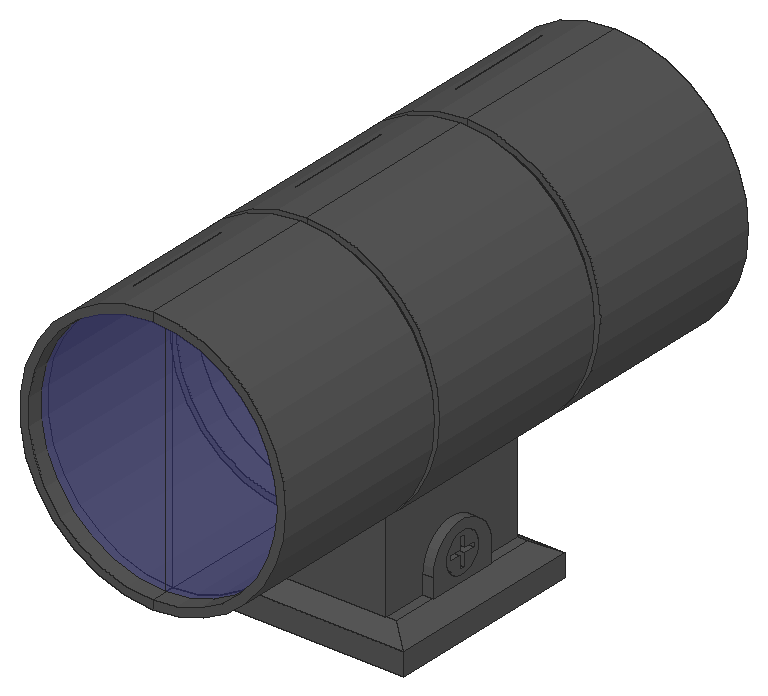
Revit family "CARLO CYLINDER LIGHT WALL MOUNT", category Lighting Fixtures, host Face, Revit 2020 (continued)
Types (10): name | Wattage_Input | Wattage Comments | Wattage | Photometric Web File | built-in parameter 1150142 | Model | built-in parameter 1150105 | Lumens | Light Length 1 | LIGHT RADIUS | LIGHT PLACEMENT | LIGHT LENGTH | LIGHT DIA | built-in parameter 1150106 | FIXED END HEIGHT | Curve base Height | Base Curve | BEAMING ANGLE | Apparent Load
    .75 415.7 423.75 431.79 439.87 447.84 456.18 465.51 475.21 484.77 \r\n 494.38 503.75 513.81 525.8 538.57 551.45 564.27 576.47 588.49 600.82 \r\n 612.84 623.99 634.69 645.27 655.58 665.56 675.32 685.02 694.48 703.66 \r\n 712.42 720.43 728.19 736.31 744.04 750.48 756.77 764.1 771.45 778.13 \r\n 784.38 790.12 795.67 801.39 807.1 812.87 818.38 823.33 827.7 831.27 \r\n 834.41 837.53 840.36 842.66 844.72 846.88 848.7 849.76 850.39 850.81 \r\n 849.27 \r\n2.1273 850.37 849.63 848.77 847.65 846.12 844.26 842.01 839.57 837.16 \r\n 834.53 831.5 828.1 824.29 820.12 815.62 810.88 806.04 800.91 795.23 \r\n 789.33 783.56 777.56 771.1 764.21 756.81 749.03 740.99 732.6 723.71 \r\n 714.65 705.88 696.81 686.84 676.43 665.83 655.11 644.59 633.86 622.56 \r\n 610.91 599.02 586.96 574.98 562.68 549.47 536.22 523.53 511.53 500.69 \r\n 490.53 480.7 471.24 462.05 453.12 444.38 435.82 427.43 419.08 410.56 \r\n 402.05 393.67 385.37 377.19 368.94 360.49 351.74 342.59 332.88 323.1 \r\n 311.25 294.8 275.93 255.69 234.95 215.23 195.62 175.55 155.53 135.82 \r\n 116.58 97.774 80.212 64.677 51.173 39.92 31.055 25.089 21.119 18.623 \r\n 16.964 15.235 13.727 12.417 11.343 10.581 9.9978 9.4845 9.0395 8.6235 \r\n 8.2415 7.8884 7.5545 7.223 6.9087 6.6263 6.3594 6.0914 5.8378 5.6154 \r\n 5.4035 5.1838 4.9651 4.7491 4.5393 4.3416 4.1504 3.9616 3.7782 3.6039 \r\n 3.4336 3.2607 3.0931 2.9366 2.7904 2.6607 2.5319 2.384 2.237 2.107 \r\n 1.9855 1.8682 1.758 1.6588 1.5638 1.4643 1.37 1.2896 1.217 1.1514 \r\n 1.0855 1.0083 0.93401 0.87673 0.8258 0.77525 0.72503 0.67152 0.6194 0.57298 \r\n 0.52969 0.48804 0.44907 0.41411 0.3808 0.34538 0.31333 0.29181 0.27198 0.24446 \r\n 0.21798 0.20022 0.18488 0.16799 0.15029 0.13113 0.11073 0.087956 0.066256 0.050151 \r\n 0.035251 0.015923 0.00041888 0 0 0 0 0 0 0 \r\n 0 0 0 0 0 0 0 0 0 0.010888 \r\n 0.023521 0.029695 0.037476 0.052731 0.073856 0.10478 0.13476 0.15051 0.16364 0.18253 \r\n 0.20357 0.22671 0.24959 0.26655 0.28732 0.32322 0.36378 0.40201 0.43884 0.47026 \r\n 0.5041 0.54858 0.59858 0.65344 0.70804 0.75374 0.80044 0.85666 0.91791 0.98276 \r\n 1.0507 1.1235 1.1998 1.2771 1.3598 1.4525 1.5514 1.6526 1.7608 1.8819 \r\n 2.0089 2.1355 2.2653 2.4021 2.539 2.6651 2.7967 2.9509 3.1153 3.2843 \r\n 3.4545 3.6147 3.7818 3.9762 4.1761 4.3596 4.5471 4.7571 4.9734 5.1808 \r\n 5.3939 5.626 5.8658 6.1018 6.3491 6.6219 6.9111 7.2061 7.5251 7.8873 \r\n 8.2802 8.6921 9.1397 9.623 10.181 10.811 11.64 12.825 14.274 15.93 \r\n 17.835 19.836 22.462 25.819 31.024 39.422 50.44 64.106 79.959 97.716 \r\n 116.87 136.98 157.56 178.03 198.22 217.61 236.67 255.85 274.77 293.66 \r\n 311.11 325.51 337.78 347.93 356.95 365.95 374.52 382.53 390.27 397.96 \r\n 405.69 413.68 421.78 429.97 438.17 446.12 454.4 463.69 473.37 482.97 \r\n 492.69 502.3 512.59 524.57 537.29 550.23 563.13 575.42 587.52 599.86 \r\n 611.9 623.06 633.83 644.58 655.04 664.9 674.52 684.28 693.84 703.08 \r\n 711.85 719.8 727.51 735.74 743.62 750.15 756.48 763.73 771.05 777.99 \r\n 784.52 790.31 795.84 801.55 807.23 812.92 818.35 823.31 827.72 831.31 \r\n 834.43 837.37 840.05 842.49 844.72 846.86 848.64 849.73 850.4 850.83 \r\n 849.27 \r\n2.1273 850.51 849.8 848.88 847.66 846.09 844.21 841.99 839.57 837.2 \r\n 834.57 831.46 827.98 824.19 820.09 815.72 811.04 806.07 800.73 794.79 \r\n 788.68 782.87 776.93 770.56 763.73 756.16 748.23 740.33 732.11 723.19 \r\n 714.09 705.47 696.54 686.56 676.09 665.4 654.61 644.08 633.34 621.88 \r\n 610.13 598.43 586.57 574.53 562.13 548.91 535.67 522.95 511.01 500.53 \r\n 490.73 480.99 471.46 462.05 452.9 444.23 435.79 427.41 419.12 410.9 \r\n 402.71 394.45 386.22 378.21 370.11 361.63 352.82 343.74 334.05 323.98 \r\n 311.86 295.49 276.71 256.22 235.24 215.63 196.16 176.02 155.83 135.84 \r\n 116.33 97.412 79.88 64.686 51.467 39.977 30.818 24.902 21.051 18.581 \r\n 16.927 15.199 13.688 12.378 11.304 10.541 9.9583 9.4514 9.0132 8.5993 \r\n 8.217 7.8606 7.5238 7.1943 6.8837 6.6061 6.3425 6.0723 5.8151 5.5911 \r\n 5.3786 5.1604 4.9427 4.7238 4.511 4.3142 4.1241 3.9325 3.7462 3.5713 \r\n 3.4017 3.2319 3.0669 2.9085 2.7606 2.6351 2.5096 2.3564 2.2033 2.0733 \r\n 1.9536 1.8385 1.7307 1.6325 1.5386 1.4412 1.3491 1.2712 1.2002 1.1338 \r\n 1.0667 0.98933 0.91531 0.85884 0.80895 0.75946 0.7101 0.65696 0.60471 0.55732 \r\n 0.51302 0.4713 0.43229 0.39642 0.36242 0.32775 0.29666 0.27555 0.25545 0.22584 \r\n 0.19771 0.18155 0.16832 0.15195 0.13403 0.11366 0.092257 0.070176 0.049718 0.033951 \r\n 0.020918 0.0087989 0.00024866 0 0 0 0 0 0 0 \r\n 0 0 0 0 0 0 0 0 0 0.017712 \r\n 0.038195 0.049508 0.060359 0.075576 0.094852 0.1224 0.14948 0.1655 0.1802 0.20129 \r\n 0.22429 0.24802 0.27024 0.28419 0.3022 0.33863 0.38069 0.42027 0.45772 0.48731 \r\n 0.51911 0.56359 0.61382 0.66781 0.72127 0.76601 0.81175 0.86661 0.92726 0.99442 \r\n 1.0642 1.1362 1.2116 1.2901 1.3755 1.4735 1.5775 1.6806 1.7891 1.9097 \r\n 2.0349 2.1579 2.2839 2.4174 2.5537 2.6871 2.8254 2.9756 3.1344 3.3039 \r\n 3.4752 3.6338 3.799 3.9929 4.1933 4.3801 4.5701 4.7781 4.9913 5.1979 \r\n 5.4096 5.6375 5.8719 6.101 6.3419 6.6116 6.8988 7.1938 7.5102 7.8594 \r\n 8.238 8.6405 9.0843 9.582 10.142 10.722 11.486 12.625 14.023 15.615 \r\n 17.441 19.371 21.857 24.89 29.716 37.802 48.471 61.582 76.99 94.758 \r\n 114.12 134.52 155.36 175.89 195.98 215.08 233.8 252.68 271.45 290.58 \r\n 308.37 322.94 335.3 345.53 354.6 363.65 372.27 380.3 388.06 395.81 \r\n 403.61 411.65 419.82 428.15 436.47 444.43 452.67 461.91 471.56 481.2 \r\n 491.03 500.91 511.43 523.4 536.06 549.05 562.03 574.41 586.59 598.94 \r\n 610.97 622.16 632.99 643.93 654.52 664.27 673.76 683.55 693.2 702.49 \r\n 711.28 719.18 726.85 735.18 743.2 749.84 756.25 763.42 770.71 777.89 \r\n 784.69 790.53 796.04 801.73 807.38 812.99 818.36 823.32 827.74 831.35 \r\n 834.45 837.21 839.75 842.34 844.75 846.87 848.6 849.71 850.42 850.87 \r\n 849.27 \r\n2.1273 850.67 850.01 849.02 847.72 846.11 844.21 842.01 839.62 837.27 \r\n 834.66 831.45 827.89 824.13 820.1 815.83 811.2 806.09 800.54 794.39 \r\n 788.1 782.26 776.35 770.07 763.28 755.58 747.53 739.76 731.7 722.78 \r\n 713.66 705.15 696.33 686.37 675.89 665.15 654.31 643.78 633.02 621.44 \r\n 609.62 598.09 586.41 574.33 561.85 548.65 535.44 522.68 510.77 500.63 \r\n 491.17 481.5 471.9 462.24 452.87 444.26 435.94 427.55 419.3 411.35 \r\n 403.44 395.28 387.11 379.26 371.28 362.78 353.92 344.91 335.22 324.82 \r\n 312.4 296.18 277.58 256.94 235.78 216.25 196.88 176.66 156.3 136.05 \r\n 116.31 97.328 79.842 64.895 51.857 40.111 30.659 24.78 21.037 18.585 \r\n 16.929 15.196 13.677 12.363 11.286 10.518 9.9328 9.4314 8.9994 8.5859 \r\n 8.2015 7.8409 7.5008 7.1732 6.8661 6.5916 6.3298 6.057 5.7963 5.5705 \r\n 5.3571 5.1401 4.9234 4.7016 4.4858 4.2897 4.1005 3.9067 3.718 3.5424 \r\n 3.3735 3.2062 3.0433 2.8829 2.7333 2.6115 2.4891 2.3315 2.1734 2.0431 \r\n 1.9249 1.8122 1.7066 1.6087 1.515 1.4193 1.3294 1.2536 1.1839 1.1166 \r\n 1.0485 0.97075 0.89686 0.84106 0.79208 0.74355 0.69504 0.64254 0.59039 0.54173 \r\n 0.49609 0.45443 0.41564 0.37897 0.34429 0.31016 0.27986 0.25935 0.23918 0.20738 \r\n 0.17744 0.16275 0.15164 0.13632 0.11853 0.096239 0.072991 0.051387 0.032265 0.017286 \r\n 0.0065854 0.0017317 0.000078 0 0 0 0 0 0 0 \r\n 0 0 0 0 0 0 0 0 0.00017974 0.023907 \r\n 0.051276 0.067075 0.080593 0.095753 0.11344 0.13827 0.16298 0.17908 0.19489 0.21756 \r\n 0.2421 0.26683 0.28901 0.30031 0.31573 0.35238 0.39557 0.43645 0.47459 0.5025 \r\n 0.53249 0.57732 0.62806 0.68107 0.73325 0.77722 0.82219 0.87554 0.93548 1.0052 \r\n 1.0772 1.1484 1.2227 1.3022 1.39 1.4931 1.602 1.7075 1.8168 1.9362 \r\n 2.0592 2.1792 2.3021 2.4327 2.5683 2.7081 2.8522 2.9987 3.1526 3.3226 \r\n 3.4952 3.6528 3.8168 4.0098 4.2103 4.4 4.5927 4.7993 5.0104 5.2167 \r\n 5.4275 5.6513 5.8805 6.1044 6.341 6.6086 6.8949 7.1907 7.5049 7.8417 \r\n 8.2069 8.602 9.0433 9.553 10.114 10.65 11.358 12.455 13.807 15.344 \r\n 17.103 18.965 21.323 24.075 28.579 36.422 46.821 59.481 74.517 92.266 \r\n 111.76 132.36 153.38 173.94 193.97 212.85 231.33 249.98 268.64 287.94 \r\n 305.97 320.64 333.07 343.35 352.46 361.56 370.21 378.26 386.05 393.87 \r\n 401.75 409.84 418.09 426.53 434.96 442.95 451.18 460.36 469.97 479.66 \r\n 489.6 499.72 510.45 522.41 535.03 548.07 561.12 573.57 585.81 598.16 \r\n 610.18 621.39 632.27 643.37 654.08 663.75 673.13 682.94 692.64 701.97 \r\n 710.81 718.67 726.32 734.73 742.86 749.64 756.14 763.24 770.48 777.88 \r\n 784.9 790.79 796.29 801.97 807.59 813.13 818.43 823.35 827.75 831.39 \r\n 834.48 837.08 839.5 842.23 844.81 846.91 848.58 849.72 850.46 850.92 \r\n 849.27 \r\n2.1273 850.86 850.27 849.27 847.92 846.28 844.36 842.16 839.78 837.45 \r\n 834.81 831.49 827.83 824.11 820.15 815.89 811.22 805.99 800.31 794.07 \r\n 787.71 781.8 775.83 769.53 762.73 755.01 746.96 739.25 731.28 722.44 \r\n 713.37 704.79 695.94 686.13 675.82 665.11 654.26 643.73 632.98 621.45 \r\n 609.68 598.17 586.51 574.43 561.97 548.84 535.68 522.84 510.89 500.94 \r\n 491.67 482.02 472.36 462.52 452.99 444.43 436.21 427.81 419.55 411.71 \r\n 403.91 395.8 387.68 379.91 372 363.51 354.64 345.68 335.95 325.19 \r\n 312.47 296.45 278.15 257.56 236.37 216.78 197.31 176.96 156.5 136.22 \r\n 116.5 97.627 80.219 65.131 51.902 40.02 30.501 24.715 21.092 18.657 \r\n 16.989 15.244 13.712 12.394 11.317 10.544 9.9542 9.4561 9.0271 8.608 \r\n 8.2164 7.8514 7.509 7.1837 6.879 6.6021 6.3366 6.0611 5.7982 5.5709 \r\n 5.3565 5.1391 4.9217 4.6979 4.4803 4.2839 4.0949 3.9009 3.7118 3.5361 \r\n 3.3669 3.1999 3.0367 2.8743 2.7232 2.6037 2.4838 2.3259 2.1668 2.036 \r\n 1.9178 1.8065 1.7016 1.6011 1.5045 1.4088 1.3197 1.2444 1.1749 1.107 \r\n 1.0381 0.95955 0.88518 0.82977 0.78147 0.73337 0.68533 0.63383 0.58213 0.53167 \r\n 0.48429 0.44341 0.40562 0.36812 0.33253 0.29876 0.26917 0.24953 0.22952 0.19524 \r\n 0.16314 0.14977 0.1409 0.12761 0.11048 0.084628 0.057602 0.035526 0.017831 0.0064301 \r\n 0 0 0 0 0 0 0 0 0 0 \r\n 0 0 0 0 0 0 0 0 0.0004823 0.02473 \r\n 0.052601 0.068548 0.082068 0.09703 0.11477 0.14077 0.1665 0.18222 0.19713 0.21848 \r\n 0.24242 0.26936 0.29369 0.30419 0.31813 0.35403 0.39692 0.43848 0.47724 0.50436 \r\n 0.5337 0.57982 0.63175 0.68376 0.73464 0.77858 0.82355 0.87551 0.93465 1.0067 \r\n 1.0811 1.1514 1.2245 1.3043 1.3932 1.4982 1.6095 1.7182 1.8296 1.9476 \r\n 2.0684 2.1874 2.3097 2.4394 2.5747 2.7154 2.8603 3.0057 3.1585 3.3295 \r\n 3.5036 3.6622 3.8265 4.0175 4.2165 4.408 4.6031 4.8102 5.0214 5.2297 \r\n 5.4416 5.6628 5.8894 6.1143 6.3532 6.6237 6.9126 7.2093 7.5224 7.8533 \r\n 8.2128 8.6091 9.0522 9.5617 10.117 10.637 11.323 12.394 13.72 15.234 \r\n 16.963 18.781 21.071 23.7 28.083 35.853 46.226 58.967 74.068 91.73 \r\n 111.09 131.58 152.52 173.1 193.19 212.16 230.7 249.4 268.04 287.17 \r\n 305.03 319.69 332.15 342.45 351.57 360.64 369.28 377.32 385.14 393.02 \r\n 400.97 409.12 417.42 425.94 434.43 442.43 450.66 459.87 469.51 479.24 \r\n 489.24 499.41 510.2 522.22 534.88 547.92 560.96 573.4 585.63 598 \r\n 610.04 621.21 632.08 643.22 653.99 663.69 673.08 682.78 692.39 701.81 \r\n 710.75 718.65 726.33 734.75 742.91 749.81 756.43 763.5 770.7 778.14 \r\n 785.23 791.16 796.67 802.37 807.97 813.46 818.67 823.46 827.77 831.46 \r\n 834.63 837.16 839.52 842.3 844.93 847.01 848.66 849.83 850.59 851.04 \r\n 849.27 \r\n2.1273 851.07 850.55 849.59 848.25 846.59 844.65 842.44 840.06 837.71 \r\n 835.02 831.58 827.82 824.15 820.24 815.89 811.1 805.76 800.01 793.82 \r\n 787.5 781.48 775.35 768.92 762.06 754.42 746.49 738.78 730.81 722.14 \r\n 713.19 704.39 695.34 685.8 675.81 665.23 654.42 643.89 633.16 621.84 \r\n 610.25 598.62 586.81 574.78 562.41 549.39 536.3 523.37 511.3 501.37 \r\n 492.13 482.45 472.73 462.79 453.2 444.69 436.54 428.13 419.83 411.91 \r\n 404.06 395.94 387.85 380.09 372.19 363.75 354.92 345.97 336.16 325.02 \r\n 312.02 296.24 278.3 257.97 236.91 217.1 197.35 176.85 156.35 136.25 \r\n 116.79 98.207 80.901 65.299 51.531 39.659 30.318 24.69 21.201 18.787 \r\n 17.098 15.335 13.786 12.467 11.391 10.614 10.021 9.5234 9.0934 8.6632 \r\n 8.2599 7.8907 7.5475 7.2249 6.9215 6.6367 6.3625 6.0846 5.821 5.5927 \r\n 5.3772 5.1576 4.9382 4.7135 4.4953 4.2978 4.1082 3.9159 3.7287 3.5531 \r\n 3.3831 3.2137 3.0479 2.8836 2.7315 2.6126 2.4946 2.3405 2.1846 2.0533 \r\n 1.9336 1.8223 1.7164 1.6105 1.5082 1.4107 1.3209 1.2444 1.1737 1.1055 \r\n 1.0364 0.95667 0.88126 0.82597 0.77806 0.72988 0.68194 0.63169 0.5807 0.52808 \r\n 0.47869 0.43931 0.4033 0.36495 0.32821 0.29462 0.26564 0.2471 0.22745 0.19058 \r\n 0.15612 0.14385 0.13718 0.12668 0.11065 0.079878 0.047468 0.024167 0.0077906 0.0014155 \r\n 0 0 0 0 0 0 0 0 0 0 \r\n 0 0 0 0 0 0 0 0 0.000383 0.01969 \r\n 0.041771 0.053512 0.064342 0.07899 0.098451 0.12943 0.15952 0.17443 0.1865 0.20371 \r\n 0.2249 0.25511 0.28368 0.29528 0.30895 0.34318 0.38434 0.42589 0.46516 0.49246 \r\n 0.52239 0.57063 0.62431 0.67538 0.72501 0.76969 0.81541 0.86619 0.92448 0.99844 \r\n 1.0751 1.1447 1.2165 1.2959 1.3844 1.4879 1.5988 1.711 1.8258 1.9424 \r\n 2.0611 2.1812 2.3052 2.4365 2.5718 2.7079 2.8485 2.9952 3.1509 3.3233 \r\n 3.4989 3.6604 3.8265 4.0148 4.2107 4.4029 4.5999 4.809 5.0228 5.2351 \r\n 5.4503 5.6705 5.8971 6.129 6.3767 6.655 6.9496 7.2472 7.56 7.8918 \r\n 8.2542 8.6598 9.1086 9.6054 10.149 10.68 11.378 12.442 13.761 15.285 \r\n 17.022 18.821 21.104 23.777 28.246 36.112 46.704 60.049 75.649 93.162 \r\n 112.14 132.22 152.84 173.42 193.69 213.02 231.96 250.97 269.69 288.33 \r\n 305.62 320.15 332.61 342.88 351.97 360.97 369.53 377.56 385.38 393.31 \r\n 401.33 409.52 417.84 426.38 434.89 442.89 451.14 460.45 470.19 479.96 \r\n 489.94 499.99 510.68 522.81 535.59 548.59 561.55 573.89 586.05 598.45 \r\n 610.53 621.64 632.42 643.48 654.22 664.09 673.6 683.1 692.5 702.01 \r\n 711.13 719.15 726.89 735.25 743.36 750.38 757.12 764.2 771.35 778.68 \r\n 785.68 791.63 797.2 802.93 808.54 813.97 819.07 823.65 827.79 831.57 \r\n 834.87 837.45 839.8 842.53 845.11 847.18 848.83 850.01 850.78 851.19 \r\n 849.27 \r\n2.1273 851.26 850.82 849.9 848.59 846.92 844.95 842.73 840.33 837.95 \r\n 835.22 831.67 827.82 824.19 820.3 815.84 810.9 805.47 799.67 793.59 \r\n 787.35 781.19 774.88 768.29 761.35 753.85 746.07 738.33 730.34 721.86 \r\n 713.05 704 694.74 685.46 675.83 665.39 654.67 644.12 633.42 622.34 \r\n 610.95 599.17 587.17 575.19 562.93 550.03 537.01 523.99 511.8 501.81 \r\n 492.54 482.82 473.05 463.05 453.42 444.96 436.86 428.44 420.08 412.04 \r\n 404.08 395.96 387.87 380.1 372.2 363.8 355.01 346.06 336.16 324.66 \r\n 311.36 295.78 278.19 258.19 237.33 217.32 197.27 176.63 156.11 136.22 \r\n 117.04 98.759 81.548 65.385 51.045 39.235 30.137 24.681 21.325 18.928 \r\n 17.214 15.434 13.868 12.547 11.472 10.692 10.095 9.5972 9.1639 8.722 \r\n 8.3068 7.9339 7.5903 7.2703 6.9678 6.6744 6.3909 6.1114 5.8482 5.6192 \r\n 5.4025 5.1807 4.9592 4.7343 4.5161 4.3173 4.127 3.9367 3.7517 3.5766 \r\n 3.4057 3.2335 3.0647 2.8988 2.746 2.6268 2.5098 2.3606 2.2092 2.0775 \r\n 1.956 1.8444 1.737 1.6253 1.5171 1.4172 1.326 1.2473 1.1753 1.1071 \r\n 1.0378 0.95707 0.88062 0.82527 0.77752 0.72917 0.6813 0.63227 0.58202 0.52732 \r\n 0.47606 0.43839 0.40434 0.36527 0.32738 0.29369 0.26507 0.24766 0.22859 0.1896 \r\n 0.1531 0.14151 0.13652 0.12874 0.11388 0.078343 0.040673 0.016297 0.00095128 0 \r\n 0 0 0 0 0 0 0 0 0 0 \r\n 0 0 0 0 0 0 0 0 0.00025817 0.013318 \r\n 0.028157 0.034899 0.04264 0.057035 0.078522 0.11493 0.14973 0.16381 0.17281 0.18538 \r\n 0.20338 0.23687 0.26993 0.2832 0.29708 0.32945 0.36853 0.40978 0.44946 0.47736 \r\n 0.50836 0.55876 0.61414 0.66437 0.71291 0.75853 0.80519 0.85489 0.91235 0.98796 \r\n 1.0667 1.1358 1.2063 1.2849 1.3723 1.4735 1.5831 1.6984 1.8163 1.9312 \r\n 2.048 2.1696 2.296 2.4297 2.5656 2.6958 2.8308 2.9795 3.1388 3.3124 \r\n 3.4892 3.6542 3.8226 4.008 4.2007 4.3931 4.5918 4.8033 5.0203 5.2368 \r\n 5.4557 5.6752 5.9027 6.1432 6.4012 6.6875 6.988 7.2867 7.5998 7.9345 \r\n 8.3016 8.7176 9.1724 9.6532 10.184 10.734 11.455 12.519 13.836 15.38 \r\n 17.137 18.922 21.221 24 28.633 36.671 47.556 61.586 77.742 95.099 \r\n 113.67 133.27 153.52 174.09 194.57 214.31 233.7 253.1 271.96 290.05 \r\n 306.71 321.05 333.46 343.68 352.73 361.64 370.12 378.13 385.96 393.94 \r\n 402.01 410.23 418.57 427.11 435.62 443.62 451.9 461.31 471.16 480.96 \r\n 490.91 500.78 511.33 523.57 536.48 549.45 562.31 574.54 586.62 599.04 \r\n 611.14 622.19 632.89 643.84 654.53 664.6 674.28 683.57 692.75 702.35 \r\n 711.64 719.79 727.63 735.91 743.95 751.09 757.96 765.05 772.14 779.3 \r\n 786.15 792.12 797.76 803.52 809.13 814.51 819.5 823.85 827.82 831.68 \r\n 835.12 837.76 840.13 842.78 845.27 847.32 848.99 850.19 850.97
